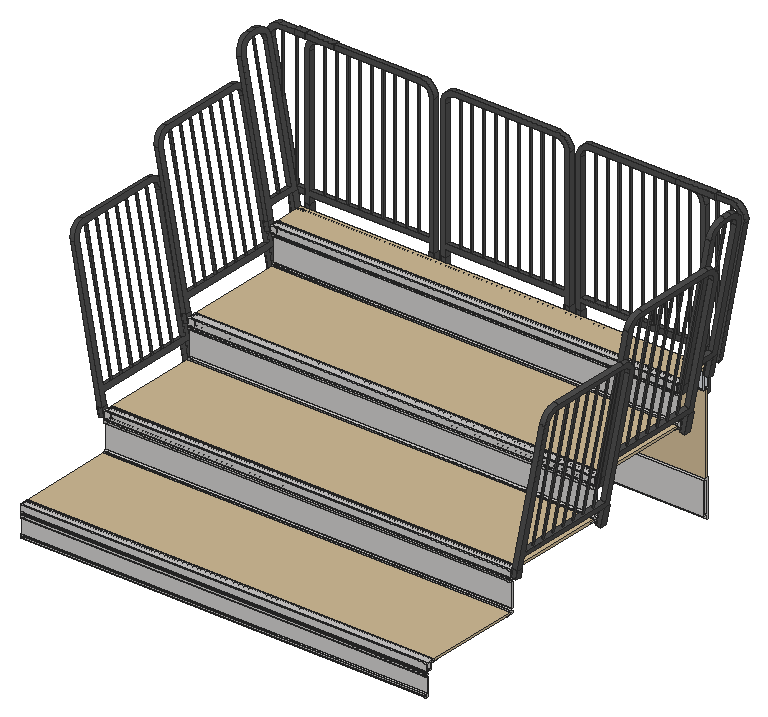
Revit family "Bleacher-Telescopic-Hussey-MAXAM_Plus-Portable-Simplified", category Specialty Equipment, Revit 2023 (continued)
Definition of nested family "Metro Chair-Single Row Array-Simplified"
  Definition of nested family "Metro Chair-Simplified"
    Automatic sketch dimensions
      curve 39 to plane 26 "2D Armrest - Back" = 0' - 0.43363"
      curve 6 to curve 39 = 0' - 0.00085"
      curve 2 to plane 26 "2D Armrest - Back" = 0' - 0.42975"
      curve 163 to plane 26 "2D Armrest - Back" = 0' - 0.42946"
      curve 21 to curve 5 = 0' - 0.00088"
      curve 4 to curve 2 = 0' - 0.01303"
      curve 5 to curve 4 = 0' - 0"
      curve 41 to curve 2 = 0' - 0.02986"
      curve 20 to curve 22 = 0' - 0.03735"
      curve 41 to curve 41 = 0' - 0.00937"
      curve 7 to curve 6 = 0' - 0.05712"
      curve 7 to curve 6 = 0' - 0.02126"
      curve 39 to plane 26 "2D Armrest - Back" = 0' - 0.33399"
      curve 9 to curve 7 = 0' - 0.02294"
      curve 19 to curve 20 = 0' - 0.0748"
      curve 10 to curve 8 = 0' - 0.02245"
      curve 11 to curve 9 = 0' - 0.01989"
      curve 11 to curve 10 = 0' - 0.01891"
      curve 12 to curve 11 = 0' - 0.01729"
      curve 13 to curve 12 = 0' - 0.01477"
      curve 15 to curve 13 = 0' - 0.01104"
      curve 19 to curve 19 = 0' - 0.09499"
      curve 90 to plane 26 "2D Armrest - Back" = 0' - 0.21411"
      curve 3 to plane 26 "2D Armrest - Back" = 0' - 0.13196"
      curve 4 to curve 3 = 0' - 0"
      curve 17 to plane 26 "2D Armrest - Back" = 0' - 0.07157"
      curve 16 to curve 17 = 0' - 0.00649"
      curve 15 to curve 16 = 0' - 0.00285"
      curve 37 to plane 26 "2D Armrest - Back" = 0' - 0.05487"
      curve 4 to plane 26 "2D Armrest - Back" = 0' - 0.02678"
      plane 26 "2D Armrest - Back" to curve 164 = 0' - 0.0265"
      plane 26 "2D Armrest - Back" to curve 36 = 0' - 0.13823"
      curve 34 to curve 35 = 0' - 0.22028"
      plane 26 "2D Armrest - Back" to curve 78 = 0' - 0.5385"
      curve 33 to curve 34 = 0' - 0.2399"
      curve 33 to curve 33 = 0' - 0.25134"
      plane 26 "2D Armrest - Back" to curve 156 = 0' - 0.855"
      plane 26 "2D Armrest - Back" to curve 39 = 0' - 0.93635"
      plane 26 "2D Armrest - Back" to curve 5 = 0' - 0.94809"
      curve 32 to curve 32 = 0' - 0.25424"
      curve 90 to curve 57 = 0' - 0.25258"
      curve 163 to curve 39 = 0' - 0.17798"
      curve 164 to curve 163 = 0' - 0"
      curve 91 to curve 90 = 0' - 0.01991"
      curve 55 to curve 157 = 0' - 0.00174"
      curve 42 to curve 163 = 0' - 0.02104"
      curve 55 to curve 55 = 0' - 0.11189"
      curve 31 to curve 31 = 0' - 0.24854"
      plane 7 "Host Level Offset Top" to curve 62 = 0' - 0.43561"
      plane 26 "2D Armrest - Back" to curve 62 = 0' - 1.3675"
      curve 53 to curve 54 = 0' - 0.26099"
      curve 29 to curve 30 = 0' - 0.23443"
      curve 52 to curve 54 = 0' - 0.16363"
      curve 53 to curve 54 = 0' - 0.29673"
      curve 29 to curve 29 = 0' - 0.21235"
      curve 80 to curve 52 = 0' - 0.33004"
      curve 80 to curve 80 = 0' - 0.00385"
      curve 28 to curve 28 = 0' - 0.30242"
      curve 80 to curve 80 = 0' - 0.20005"
      plane 26 "2D Armrest - Back" to curve 58 = 0' - 2.22497"
      curve 52 to curve 53 = 0' - 0.70545"
      curve 163 to curve 27 = 0' - 0.2719"
      curve 89 to curve 163 = 0' - 0"
      curve 81 to plane 7 "Host Level Offset Top" = 0' - 2.25832"
      curve 81 to curve 52 = 0' - 0.00648"
      curve 27 to curve 163 = 0' - 0.03033"
      curve 70 to curve 53 = 0' - 0.6365"
      curve 71 to curve 70 = 0' - 0"
      curve 69 to curve 80 = 0' - 0.25212"
      curve 70 to curve 69 = 0' - 0"
      curve 72 to curve 71 = 0' - 0.02189"
      curve 71 to curve 72 = 0' - 0"
      curve 68 to curve 69 = 0' - 0.0817"
      curve 69 to curve 68 = 0' - 0"
      curve 71 to curve 71 = 0' - 0.11708"
      curve 72 to curve 71 = 0' - 0 13/128"
      curve 63 to curve 69 = 0' - 0.1247"
      curve 25 to curve 26 = 0' - 0.30203"
      curve 72 to curve 71 = 0' - 0.15611"
      curve 67 to curve 63 = 0' - 0.07171"
      curve 69 to curve 68 = 0' - 0.23778"
      plane 26 "2D Armrest - Back" to curve 164 = 0' - 3.06065"
      plane 7 "Host Level Offset Top" to curve 78 = 0' - 0.79014"
      curve 78 to curve 63 = 0' - 0.82446"
      curve 68 to curve 72 = 0' - 1.22774"
      curve 58 to curve 58 = 0' - 1.7577"
      curve 58 to curve 58 = 0' - 0.07468"
      curve 59 to curve 58 = 0' - 0"
      curve 89 to curve 58 = 0' - 0"  (x2)
      curve 78 to curve 78 = 0' - 0.59893"
      curve 158 to curve 89 = 0' - 0.0615"
      curve 64 to curve 68 = 0' - 0.29448"
      curve 62 to curve 64 = 0' - 0.02752"
      curve 63 to curve 62 = 0' - 0"
      curve 66 to plane 7 "Host Level Offset Top" = 0' - 0.31451"
      curve 66 to curve 78 = 0' - 0.72907"
      curve 67 to curve 66 = 0' - 0"
      curve 137 to curve 164 = 0' - 1.17809"
      curve 66 to curve 67 = 0' - 0.06389"
      curve 48 to curve 25 = 0' - 1.63088"
      curve 158 to curve 48 = 0' - 0"
      curve 99 to plane 7 "Host Level Offset Top" = 0' - 0.32318"
      curve 99 to curve 67 = 0' - 0.1498"
      curve 48 to curve 158 = 0' - 0.02887"
      curve 166 to curve 48 = 0' - 0"
      curve 63 to curve 62 = 0' - 0.18742"
      curve 93 to curve 78 = 0' - 0.32885"
      curve 101 to plane 7 "Host Level Offset Top" = 0' - 0.39556"
      curve 61 to curve 63 = 0' - 0.06604"
      curve 64 to curve 61 = 0' - 0.01623"
      curve 65 to curve 64 = 0' - 0"
      curve 65 to curve 101 = 0' - 0.03202"
      curve 66 to curve 65 = 0' - 0"
      curve 88 to plane 7 "Host Level Offset Top" = 0' - 2.44628"
      curve 88 to curve 65 = 0' - 0.00823"
      curve 92 to curve 78 = 0' - 0.40904"
      curve 47 to curve 164 = 0' - 1.46411"
      curve 166 to curve 47 = 0' - 0"
      curve 61 to curve 64 = 0' - 0.14339"
      curve 82 to plane 7 "Host Level Offset Top" = 0' - 1.29242"
      curve 87 to plane 7 "Host Level Offset Top" = 0' - 1.4534"
      curve 93 to curve 92 = 0' - 0.16256"
      curve 83 to curve 82 = 0' - 0.05884"
      curve 112 to curve 92 = 0' - 0.13429"
      curve 60 to plane 7 "Host Level Offset Top" = 0' - 2.58206"
      curve 60 to curve 61 = 0' - 0.10332"
      curve 93 to curve 92 = 0' - 0.23493"
      plane 7 "Host Level Offset Top" to curve 100 = 0' - 0.62961"
      curve 100 to curve 94 = 0' - 0.09521"
      curve 98 to curve 100 = 0' - 0.03629"
      curve 86 to curve 87 = 0' - 0.15883"
      curve 83 to curve 86 = 0' - 0.01488"
      plane 7 "Host Level Offset Top" to curve 101 = 0' - 0 155/256"
      curve 101 to curve 100 = 0' - 0.07495"
      curve 98 to curve 98 = 0' - 0.07485"
      curve 98 to curve 98 = 0' - 0.02413"
      curve 83 to curve 82 = 0' - 0.156"
      curve 86 to curve 86 = 0' - 0.19966"
      curve 143 to curve 158 = 0' - 0.82017"
      curve 161 to curve 143 = 0' - 0.03769"
      curve 49 to curve 161 = 0' - 0.14321"
      curve 95 to curve 94 = 0' - 0.5613"
      plane 7 "Host Level Offset Top" to curve 96 = 0' - 0.67221"
      curve 96 to curve 98 = 0' - 0.37473"
      curve 95 to curve 94 = 0' - 0.07241"
      curve 137 to curve 49 = 0' - 0.13468"
      curve 43 to curve 161 = 0' - 0.38511"
      curve 49 to curve 43 = 0' - 0"
      curve 86 to curve 86 = 0' - 0.46645"
      curve 85 to curve 86 = 0' - 0"
      curve 84 to curve 61 = 0' - 0 97/128"
      plane 7 "Host Level Offset Top" to curve 97 = 0' - 0.59992"
      curve 97 to curve 96 = 0' - 0.22453"
      curve 59 to curve 84 = 0' - 0.01633"
      curve 95 to curve 95 = 0' - 0.22491"
      curve 84 to curve 84 = 0' - 0.041"
      curve 85 to curve 84 = 0' - 0 1/16"
      curve 84 to curve 85 = 0' - 0"
      curve 47 to curve 137 = 0' - 1.26275"
      curve 50 to curve 47 = 0' - 0"
      curve 67 to curve 137 = 0' - 0.30721"
      curve 25 to curve 48 = 0' - 1.30621"
      curve 50 to curve 50 = 0' - 0.21068"
      curve 46 to curve 50 = 0' - 0.09855"
      plane 7 "Host Level Offset Top" to curve 96 = 0' - 2.90605"
      curve 51 to curve 50 = 0' - 0.34523"
      curve 165 to curve 24 = 0' - 0.39092"
      curve 75 to curve 165 = 0' - 0"
      curve 44 to curve 47 = 0' - 1.54354"
      curve 165 to curve 44 = 0' - 0"
      level to curve 77 = 0' - 5.00581"
      curve 75 to curve 24 = 0' - 0.5061"
      curve 43 to curve 75 = 0' - 0"
      curve 46 to curve 51 = 0' - 0.14782"
      curve 45 to curve 51 = 0' - 0.293"
      curve 44 to curve 45 = 0' - 0"
      curve 102 to plane 27 "2D Armrest - Front" = 0' - 3.86174"
      curve 51 to curve 44 = 0' - 0.05491"
      curve 45 to curve 51 = 0' - 0"
      curve 24 to curve 75 = 0' - 1.13647"
      curve 136 to curve 42 = 0' - 0.86248"
      curve 73 to curve 136 = 0' - 0.00009"
      curve 24 to plane 27 "2D Armrest - Front" = 0' - 2.10928"
      curve 45 to curve 136 = 0' - 0.92052"
      curve 76 to curve 45 = 0' - 0.02594"
      curve 3 to curve 76 = 0' - 0"
      curve 74 to curve 45 = 0' - 0.11091"
      curve 76 to curve 74 = 0' - 0.0199"
      curve 74 to curve 74 = 0' - 0.11847"
      curve 130 to curve 74 = 0' - 0.00426"
      curve 130 to curve 23 = 0' - 0.19054"
      curve 131 to curve 3 = 0' - 0.41781"
      curve 40 to curve 76 = 0' - 0.40558"
      curve 40 to curve 40 = 0' - 0.00938"
      curve 74 to curve 74 = 0' - 0.48174"
      curve 136 to curve 74 = 0' - 0"
      curve 76 to curve 40 = 0' - 0.06507"
      curve 73 to curve 2 = 0' - 0.0231"
      curve 160 to plane 27 "2D Armrest - Front" = 0' - 0.6397"
      curve 136 to curve 131 = 0' - 0.00496"
      curve 134 to curve 73 = 0' - 0.22758"
      curve 130 to plane 27 "2D Armrest - Front" = 0' - 0.33111"
      curve 161 to plane 27 "2D Armrest - Front" = 0' - 0.09808"
      curve 135 to plane 27 "2D Armrest - Front" = 0' - 0.08963"
      plane 27 "2D Armrest - Front" to curve 131 = 0' - 0.00515"
      plane 27 "2D Armrest - Front" to curve 162 = 0' - 0.05514"
      plane 27 "2D Armrest - Front" to curve 129 = 0' - 0.15185"
      plane 27 "2D Armrest - Front" to curve 160 = 0' - 0.20836"
      curve 162 to curve 160 = 0' - 0"
      plane 27 "2D Armrest - Front" to curve 129 = 0' - 0 9/32"
      plane 27 "2D Armrest - Front" to curve 143 = 0' - 0.30279"
      curve 142 to curve 143 = 0' - 0"
      plane 27 "2D Armrest - Front" to curve 133 = 0' - 0.66488"
      curve 47 to curve 129 = 0' - 0.58883"
      curve 132 to curve 47 = 0' - 0.29753"
      curve 44 to curve 132 = 0' - 0.09752"
      plane 27 "2D Armrest - Front" to curve 159 = 0' - 1.59528"
      curve 146 to curve 159 = 0' - 0.04945"
      curve 159 to curve 159 = 0' - 0.09355"
      curve 160 to curve 159 = 0' - 0"
      curve 127 to curve 44 = 0' - 1.78449"
      curve 133 to curve 127 = 0' - 0.03"
      curve 127 to curve 127 = 0' - 0.12941"
      curve 141 to curve 160 = 0' - 1.74489"
      curve 142 to curve 141 = 0' - 0"
      curve 126 to curve 127 = 0' - 0.48297"
      curve 146 to curve 141 = 0' - 1.44211"
      curve 138 to curve 146 = 0' - 0"
      curve 141 to plane 7 "Host Level Offset Top" = 0' - 2.95234"
      curve 141 to curve 146 = 0' - 0.78875"
      curve 138 to curve 138 = 0' - 1.55688"
      curve 139 to curve 138 = 0' - 0"
      curve 145 to curve 138 = 0' - 0.14966"
      curve 139 to curve 138 = 0' - 0.15823"
      curve 145 to curve 139 = 0' - 0"
      curve 139 to curve 139 = 0' - 0.06343"
      curve 144 to curve 145 = 0' - 0.12496"
      curve 141 to curve 144 = 0' - 0.04062"
      curve 144 to curve 141 = 0' - 0"
      curve 138 to curve 141 = 0' - 1.20309"
      curve 144 to curve 144 = 0' - 0 1/4"
      curve 140 to curve 145 = 0' - 0 3/8"
      plane 27 "2D Armrest - Front" to curve 42 = 0' - 7.46407"
      curve 166 to curve 141 = 0' - 2.59762"
      plane 27 "2D Armrest - Front" to curve 148 = 1' - 1.67673"
      curve 146 to plane 6 "Host Level Offset Bottom" = 0' - 2.52375"
      curve 146 to curve 42 = 0' - 7.86841"
      curve 165 to curve 166 = 0' - 10.58764"
      curve 75 to curve 165 = 0' - 4.48505"
      plane 27 "2D Armrest - Front" to curve 142 = 2' - 1.49874"
      plane 27 "2D Armrest - Front" to curve 22 = 2' - 8.12853"
      curve 2 to curve 22 = 0' - 0.00037"
      curve 3 to curve 2 = 0' - 0.01779"
      curve 48 to plane 7 "Host Level Offset Top" = 0' - 11.28697"
      curve 48 to curve 75 = 2' - 11.60752"
      plane 5 "Front" to curve 120 = 0' - 0 1/16"
      curve 148 to plane 14 "Attachment to Riser" = 0' - 0.24601"
      curve 149 to curve 148 = 0' - 0"
      curve 119 to plane 14 "Attachment to Riser" = 0' - 0 1/16"
      curve 122 to plane 14 "Attachment to Riser" = 0' - 0 1/16"
      plane 14 "Attachment to Riser" to curve 143 = 0' - 0.30921"
      plane 14 "Attachment to Riser" to curve 154 = 0' - 1.3076"
      curve 155 to curve 154 = 0' - 0"
      plane 14 "Attachment to Riser" to curve 149 = 0' - 1.36844"
      curve 150 to curve 149 = 0' - 0"
      plane 14 "Attachment to Riser" to curve 85 = 0' - 1.60613"
      curve 149 to curve 151 = 0' - 0.79141"
      curve 150 to curve 151 = 0' - 0.11422"
      curve 150 to curve 151 = 0' - 0.25229"
      curve 151 to curve 152 = 0' - 0"  (x2)
      curve 151 to curve 153 = 0' - 0.18272"
      curve 152 to curve 152 = 0' - 0.1839"
      curve 153 to curve 153 = 0' - 0.28476"
      curve 154 to curve 150 = 0' - 0.40406"
      plane 14 "Attachment to Riser" to curve 49 = 0' - 3.57393"
      curve 150 to curve 149 = 0' - 3.59015"
      curve 49 to curve 43 = 0' - 3.44678"
      curve 149 to curve 154 = 0' - 0.97606"
      curve 43 to curve 90 = 0' - 1.0578"
      curve 89 to plane 7 "Host Level Offset Top" = 0' - 2.16194"
      curve 90 to curve 89 = 0' - 0.32978"
      curve 43 to curve 147 = 0' - 1.5269"
      curve 158 to plane 7 "Host Level Offset Top" = 1' - 0.63033"
      curve 147 to curve 158 = 1' - 7.96726"
      plane 6 "Host Level Offset Bottom" to curve 155 = 0' - 3.27369"
      curve 158 to curve 155 = 3' - 7.00623"
      curve 57 to plane 6 "Host Level Offset Bottom" = 1' - 1.14626"
      curve 155 to curve 57 = 4' - 1.77768"
      curve 2 to curve 22 = 0' - 0.0022"
      curve 3 to curve 2 = 0' - 0.10215"
      curve 42 to plane 6 "Host Level Offset Bottom" = 0' - 11.46716"
      curve 105 to curve 105 = 0' - 0.4867"
      curve 105 to curve 107 = 0' - 0.26152"
      curve 107 to curve 116 = 0' - 0.56797"
      curve 115 to curve 121 = 0' - 0 1/16"
      curve 119 to curve 118 = 0' - 0 15/16"
      curve 108 to curve 111 = 0' - 1 5/8"
      curve 109 to curve 124 = 0' - 0 5/8"
      curve 111 to curve 111 = 0' - 0 1/4"
      curve 123 to curve 123 = 0' - 0 15/16"
      curve 121 to curve 115 = 0' - 0 1/16"
      curve 92 to curve 93 = 0' - 0.76296"
      curve 92 to curve 93 = 0' - 0.02469"
      curve 95 to curve 95 = 0' - 0.07242"
      curve 83 to curve 83 = 0' - 0.06624"
      curve 87 to curve 87 = 0' - 0.07406"
      curve 79 to curve 70 = 0' - 0.1136"
      curve 80 to curve 80 = 0' - 0.13095"
      curve 52 to curve 52 = 0' - 0.32896"
      curve 53 to curve 53 = 0' - 0.17986"
      curve 53 to curve 54 = 0' - 0.97126"
      curve 56 to curve 157 = 0' - 0.08073"
      curve 90 to curve 57 = 0' - 0.05599"
      curve 49 to curve 161 = 0' - 0.00445"
      curve 89 to curve 90 = 0' - 4.05224"
      curve 147 to curve 43 = 0' - 1.70385"
      curve 33 to curve 90 = 0' - 0.61468"
      curve 32 to curve 32 = 0' - 0.00764"
      curve 32 to curve 34 = 0' - 0 5/128"
      curve 31 to curve 30 = 0' - 0.05408"
      curve 33 to curve 35 = 0' - 0.08453"
      curve 30 to curve 29 = 0' - 0.0987"
      curve 34 to curve 36 = 0' - 0.12718"
      curve 29 to curve 28 = 0' - 0.14002"
      curve 37 to curve 90 = 0' - 0.19834"
      curve 28 to curve 163 = 0' - 0.181"
      curve 163 to curve 26 = 0' - 0.06167"
      curve 37 to curve 39 = 0' - 0.22434"
      curve 39 to curve 164 = 0' - 0.43076"
      curve 39 to curve 6 = 0' - 0.00784"
      curve 6 to curve 6 = 0' - 0.32494"
      curve 6 to curve 7 = 0' - 0.09717"
      curve 7 to curve 8 = 0' - 0.1049"
      curve 8 to curve 10 = 0' - 0.105"
      curve 9 to curve 10 = 0' - 0.09644"
      curve 10 to curve 12 = 0' - 0.09664"
      curve 11 to curve 13 = 0' - 0.09694"
      curve 12 to curve 13 = 0' - 0.09736"
      curve 13 to curve 14 = 0' - 0.09785"
      curve 147 to curve 16 = 0' - 0.1063"
      curve 15 to curve 17 = 0' - 0.06187"
      curve 14 to curve 19 = 0' - 0.10984"
      curve 141 to curve 166 = 0' - 4.29751"
      curve 19 to curve 18 = 0' - 0.01892"
      curve 16 to curve 18 = 0' - 0.06159"
      curve 20 to curve 2 = 0' - 0.19131"
      curve 21 to curve 5 = 0' - 0.04047"
      curve 130 to curve 76 = 0' - 1.68887"
      curve 130 to curve 47 = 0' - 0.17122"
      curve 47 to curve 128 = 0' - 0.11811"
      curve 128 to curve 135 = 0' - 0.35355"
      curve 135 to curve 135 = 0' - 0.0647"
      curve 74 to curve 130 = 0' - 0.00097"
      curve 47 to curve 128 = 0' - 0.89457"
      curve 47 to curve 132 = 0' - 1.07138"
      curve 132 to curve 44 = 0' - 0.06826"
      curve 127 to curve 127 = 0' - 0.48297"
      curve 73 to curve 136 = 0' - 0.00048"
      curve 73 to curve 134 = 0' - 0.07164"
      curve 153 to curve 153 = 0' - 0.13457"
      curve 153 to curve 151 = 0' - 0.08911"
    Nested families (in)
      nested 1: "Metro Chair-2D Plan" at (-109.5, -12, 17), type "Metro Chair-2D Plan"
    Definition of nested family "Metro Chair-2D Plan"
      Parameters
        Default Elevation = 0' - 0"
        Created By = "Revitus"  # constant formula
        Creator URL = "http://www.revituspro.com/"
      Reference planes (in)
        plane 1 "Center (Front/Back)": y = 0
        plane 2: z = 0
        plane 3 "Center (Left/Right)": x = 0
      Lines and regions (in)
        Masking region 1
          outline origin (109.57707, 11.99477, 0) x (1, 0, 0) y (0, 1, 0)
            loop
              arc (-114.44926, -8.83618) -> (-115.08126, -8.94929) -> (-115.70753, -9.0907) r 14.27785
              arc (-115.70753, -9.0907) -> (-116.20556, -9.23429) -> (-116.68883, -9.42164) r 5.81636
              arc (-116.68883, -9.42164) -> (-117.011, -9.59758) -> (-117.29313, -9.83243) r 1.89191
              arc (-117.29313, -9.83243) -> (-117.46059, -10.07738) -> (-117.54238, -10.36259) r 0.93009
              arc (-117.54238, -10.36259) -> (-117.55749, -10.5444) -> (-117.57095, -10.72635) r 20.12699
              arc (-117.57095, -10.72635) -> (-117.64499, -12.08845) -> (-117.89752, -13.42899) r 10.34978
              arc (-117.89752, -13.42899) -> (-117.97658, -13.7437) -> (-118.05726, -14.05799) r 63.50731
              line (-118.05726, -14.05799) -> (-118.08112, -14.15075)
              arc (-118.08112, -14.15075) -> (-118.14175, -14.38729) -> (-118.20133, -14.6241) r 54.94124
              arc (-118.20133, -14.6241) -> (-118.26569, -14.90445) -> (-118.31945, -15.18701) r 7.64437
              arc (-118.31945, -15.18701) -> (-118.40719, -15.84832) -> (-118.46583, -16.51284) r 15.2029
              line (-118.46583, -16.51284) -> (-118.4805, -16.69575) -> (-118.50241, -16.95935) -> (-118.53395, -17.335)
              arc (-118.53395, -17.335) -> (-118.457, -17.48387) -> (-118.30054, -17.54391) r 0.23557
              line (-118.30054, -17.54391) -> (-117.18551, -17.53971)
              arc (-117.18551, -17.53971) -> (-117.00993, -17.46042) -> (-116.94956, -17.27747) r 0.23949
              arc (-116.94956, -17.27747) -> (-116.95084, -17.04557) -> (-116.94811, -16.81367) r 13.38597
              arc (-116.94811, -16.81367) -> (-116.90069, -16.27266) -> (-116.81229, -15.73681) r 7.14097
              arc (-116.81229, -15.73681) -> (-116.66021, -15.11684) -> (-116.44157, -14.51709) r 5.85858
              arc (-116.44157, -14.51709) -> (-116.36868, -14.35986) -> (-116.28861, -14.20616) r 3.75283
              arc (-116.28861, -14.20616) -> (-116.00556, -14.05744) -> (-115.70156, -13.95837) r 1.89664
              arc (-115.70156, -13.95837) -> (-115.42559, -13.88799) -> (-115.1478, -13.82518) r 10.42316
              arc (-115.1478, -13.82518) -> (-114.81268, -13.75676) -> (-114.47641, -13.69417) r 19.68683
              arc (-114.47641, -13.69417) -> (-114.06818, -13.62437) -> (-113.65908, -13.55986) r 31.98673
              arc (-113.65908, -13.55986) -> (-113.11985, -13.48242) -> (-112.57949, -13.4133) r 35.32242
              arc (-112.57949, -13.4133) -> (-111.80159, -13.32905) -> (-111.02176, -13.26518) r 29.90804
              arc (-111.02176, -13.26518) -> (-110.29984, -13.2277) -> (-109.57707, -13.21444) r 21.56131
              arc (-109.57707, -13.21444) -> (-108.8543, -13.2277) -> (-108.13238, -13.26518) r 21.56131
              arc (-108.13238, -13.26518) -> (-107.35254, -13.32905) -> (-106.57464, -13.4133) r 29.90804
              arc (-106.57464, -13.4133) -> (-106.03429, -13.48242) -> (-105.49506, -13.55986) r 35.32242
              arc (-105.49506, -13.55986) -> (-105.08596, -13.62437) -> (-104.67772, -13.69417) r 31.98673
              arc (-104.67772, -13.69417) -> (-104.34146, -13.75676) -> (-104.00633, -13.82518) r 19.68683
              arc (-104.00633, -13.82518) -> (-103.72854, -13.88799) -> (-103.45258, -13.95837) r 10.42316
              arc (-103.45258, -13.95837) -> (-103.14857, -14.05744) -> (-102.86553, -14.20616) r 1.89664
              arc (-102.86553, -14.20616) -> (-102.78546, -14.35986) -> (-102.71256, -14.51709) r 3.75283
              arc (-102.71256, -14.51709) -> (-102.49393, -15.11684) -> (-102.34184, -15.73681) r 5.85858
              arc (-102.34184, -15.73681) -> (-102.25344, -16.27266) -> (-102.20603, -16.81367) r 7.14097
              arc (-102.20603, -16.81367) -> (-102.20329, -17.04557) -> (-102.20457, -17.27747) r 13.38597
              arc (-102.20457, -17.27747) -> (-102.1442, -17.46042) -> (-101.96863, -17.53971) r 0.23949
              line (-101.96863, -17.53971) -> (-100.8536, -17.54391)
              arc (-100.8536, -17.54391) -> (-100.69714, -17.48387) -> (-100.62018, -17.335) r 0.23557
              line (-100.62018, -17.335) -> (-100.65173, -16.95935) -> (-100.67363, -16.69575) -> (-100.6883, -16.51284)
              arc (-100.6883, -16.51284) -> (-100.74694, -15.84832) -> (-100.83468, -15.18701) r 15.2029
              arc (-100.83468, -15.18701) -> (-100.88845, -14.90445) -> (-100.95281, -14.6241) r 7.64437
              arc (-100.95281, -14.6241) -> (-101.01238, -14.38729) -> (-101.07301, -14.15075) r 54.94124
              line (-101.07301, -14.15075) -> (-101.09687, -14.05799)
              arc (-101.09687, -14.05799) -> (-101.17755, -13.7437) -> (-101.25662, -13.42899) r 63.50731
              arc (-101.25662, -13.42899) -> (-101.50915, -12.08845) -> (-101.58318, -10.72635) r 10.34978
              arc (-101.58318, -10.72635) -> (-101.59664, -10.5444) -> (-101.61175, -10.36259) r 20.12699
              arc (-101.61175, -10.36259) -> (-101.69355, -10.07738) -> (-101.861, -9.83243) r 0.93009
              arc (-101.861, -9.83243) -> (-102.14313, -9.59758) -> (-102.4653, -9.42164) r 1.89191
              arc (-102.4653, -9.42164) -> (-102.94857, -9.23429) -> (-103.4466, -9.0907) r 5.81636
              arc (-103.4466, -9.0907) -> (-104.07288, -8.94929) -> (-104.70487, -8.83618) r 14.27785
              arc (-104.70487, -8.83618) -> (-105.42099, -8.73397) -> (-106.13987, -8.65342) r 23.97251
              arc (-106.13987, -8.65342) -> (-106.95432, -8.58448) -> (-107.77027, -8.53637) r 31.99767
              arc (-107.77027, -8.53637) -> (-108.67343, -8.50495) -> (-109.57707, -8.49477) r 38.43776
              arc (-109.57707, -8.49477) -> (-110.48071, -8.50495) -> (-111.38386, -8.53637) r 38.43776
              arc (-111.38386, -8.53637) -> (-112.19981, -8.58448) -> (-113.01427, -8.65342) r 31.99767
              arc (-113.01427, -8.65342) -> (-113.73314, -8.73397) -> (-114.44926, -8.83618) r 23.97251
            loop
              arc (-109.57707, -14.03505) -> (-112.00982, -14.13419) -> (-114.43848, -14.30649) r 80.89249
              arc (-114.43848, -14.30649) -> (-114.78323, -14.35257) -> (-115.12523, -14.4159) r 6.92664
              arc (-115.12523, -14.4159) -> (-115.74074, -14.72617) -> (-116.14273, -15.2861) r 1.4462
              arc (-116.14273, -15.2861) -> (-116.21214, -15.58271) -> (-116.25854, -15.88377) r 3.9602
              arc (-116.25854, -15.88377) -> (-116.31031, -16.70559) -> (-116.32416, -17.52892) r 17.86323
              arc (-116.32416, -17.52892) -> (-116.33953, -17.85271) -> (-116.36909, -18.17552) r 7.39074
              arc (-116.36909, -18.17552) -> (-116.49609, -18.69425) -> (-116.71446, -19.18161) r 2.9527
              arc (-116.71446, -19.18161) -> (-117.10122, -19.91263) -> (-117.25753, -20.72475) r 2.79982
              arc (-117.25753, -20.72475) -> (-117.22822, -21.15131) -> (-117.20422, -21.5782) r 34.37689
              arc (-117.20422, -21.5782) -> (-117.11629, -21.80862) -> (-116.95159, -21.99218) r 0.67622
              arc (-116.95159, -21.99218) -> (-116.37688, -22.30061) -> (-115.75605, -22.5006) r 3.60984
              arc (-115.75605, -22.5006) -> (-112.68598, -23.01834) -> (-109.57707, -23.18583) r 27.50676
              arc (-109.57707, -23.18583) -> (-106.46816, -23.01834) -> (-103.39809, -22.5006) r 27.50676
              arc (-103.39809, -22.5006) -> (-102.77726, -22.30061) -> (-102.20255, -21.99218) r 3.60984
              arc (-102.20255, -21.99218) -> (-102.03784, -21.80862) -> (-101.94991, -21.5782) r 0.67622
              arc (-101.94991, -21.5782) -> (-101.92591, -21.15131) -> (-101.8966, -20.72475) r 34.37689
              arc (-101.8966, -20.72475) -> (-102.05292, -19.91263) -> (-102.43967, -19.18161) r 2.79982
              arc (-102.43967, -19.18161) -> (-102.65804, -18.69425) -> (-102.78505, -18.17552) r 2.9527
              arc (-102.78505, -18.17552) -> (-102.8146, -17.85271) -> (-102.82998, -17.52892) r 7.39074
              arc (-102.82998, -17.52892) -> (-102.84382, -16.70559) -> (-102.89559, -15.88377) r 17.86323
              arc (-102.89559, -15.88377) -> (-102.942, -15.58271) -> (-103.0114, -15.2861) r 3.9602
              arc (-103.0114, -15.2861) -> (-103.41339, -14.72617) -> (-104.0289, -14.4159) r 1.4462
              arc (-104.0289, -14.4159) -> (-104.37091, -14.35257) -> (-104.71566, -14.30649) r 6.92664
              arc (-104.71566, -14.30649) -> (-107.14432, -14.13419) -> (-109.57707, -14.03505) r 80.89249
      Dimensions and locks (in)
        aligned and locked: level to plane 2
  Definition of nested family "Metro Chair-Folded-Simplified"
    Parameters
      URL = "http://www.husseyseating.com/"
      Stanchion Color = none
      Show Metro Chair = yes
      Show Cup Holders = yes
      Show Arms = yes
      Seat Width = 1' - 9"
      Seat Color = none
      Seat Back Color = none
      No Arms = not(Show Arms)  # no
      Model = "Metro Chair"
      Manufacturer = "Hussey Seating Company"  # constant formula
      Default Elevation = 0' - 0"
      Created By = "Revitus"  # constant formula
      Creator URL = "http://www.revituspro.com/"
      Assembly Code = ""
    Reference planes (in)
      plane 1: z = 0
      plane 2 "Center (Left/Right)": x = -109.5
      plane 3 "Left": x = -120
      plane 4 "Right": x = -99
      plane 5 "Front": y = -12
      plane 6 "Host Level Offset Bottom": z = -8
      plane 7 "Host Level Offset Top": z = 8
      plane 8: x = -100.1875
      plane 9: x = -97.8125
      plane 10: x = -118.8125
      plane 11: x = -121.1875
      plane 12 "Seat - Right": x = -101
      plane 13 "Seat - Left": x = -118
      plane 14: x = -98.0625
      plane 15: x = -99.9375
      plane 16: x = -120.9375
      plane 17: x = -119.0625
      plane 18: x = -99.5
      plane 19: x = -98.5
      plane 20: x = -119.5
      plane 21: x = -120.5
      plane 22: x = -102.5
      plane 23: x = -116.5
      plane 24 "Attachment to Riser": y = -10.625
      plane 25: y = -13.36174
      plane 26: y = -23.61174
    Lines and regions (in)
      Masking region 1, visible <- "Show Arms"
        outline origin (0, 0, 8) x (0, -1, 0) y (1, 0, 0)
          loop
            arc (23.61174, -119.8125) -> (23.31885, -119.10539) -> (22.61174, -118.8125) r 1
            line (22.61174, -118.8125) -> (14.36174, -118.8125)
            arc (14.36174, -118.8125) -> (13.65463, -119.10539) -> (13.36174, -119.8125) r 1
            line (13.36174, -119.8125) -> (13.36174, -120.1875)
            arc (13.36174, -120.1875) -> (13.65463, -120.89461) -> (14.36174, -121.1875) r 1
            line (14.36174, -121.1875) -> (22.61174, -121.1875)
            arc (22.61174, -121.1875) -> (23.31885, -120.89461) -> (23.61174, -120.1875) r 1
            line (23.61174, -120.1875) -> (23.61174, -119.8125)
      Masking region 2, visible <- "Show Arms"
        outline origin (0, 0, 8) x (0, -1, 0) y (1, 0, 0)
          loop
            line (13.36174, -98.8125) -> (13.36174, -99.1875)
            arc (13.36174, -99.1875) -> (13.65463, -99.89461) -> (14.36174, -100.1875) r 1
            line (14.36174, -100.1875) -> (22.61174, -100.1875)
            arc (22.61174, -100.1875) -> (23.31885, -99.89461) -> (23.61174, -99.1875) r 1
            line (23.61174, -99.1875) -> (23.61174, -98.8125)
            arc (23.61174, -98.8125) -> (23.31885, -98.10539) -> (22.61174, -97.8125) r 1
            line (22.61174, -97.8125) -> (14.36174, -97.8125)
            arc (14.36174, -97.8125) -> (13.65463, -98.10539) -> (13.36174, -98.8125) r 1
      model lines, visible <- "Show Metro Chair"
        curve 1: line (-120, -6.06648, 0) -> (-99, -6.06648, 0)
      model lines
        curve 2: line (-109.5, -19.75, 4.93608) -> (-109.5, -19.75, 0.00008)
        curve 3: line (-109.5, -19.75, 0.00008) -> (-109.5, -12.90623, 0.00008)
        curve 4: arc (-109.5, -12.90623, 0.00008) -> (-109.5, -12.85068, 0.02309) -> (-109.5, -12.82767, 0.07865) r 0.07856
        curve 5: line (-109.5, -12.82767, 0.07865) -> (-109.5, -12.82767, 0.56535)
        curve 6: line (-109.5, -12.82767, 0.56535) -> (-109.5, -12.31448, 0.82687)
        curve 7: arc (-109.5, -12.31448, 0.82687) -> (-109.5, -12.2674, 0.8704) -> (-109.5, -12.25, 0.93211) r 0.11811
        curve 8: line (-109.5, -12.25, 0.93211) -> (-109.5, -12.25, 3.87508)
        curve 9: line (-109.5, -12.25, 3.87508) -> (-109.5, -12, 3.87508)
        curve 10: line (-109.5, -12, 5.25008) -> (-109.5, -12.25, 5.25008)
        curve 11: line (-109.5, -12.25, 5.25008) -> (-109.5, -12.25, 5.50008)
        curve 12: line (-109.5, -12.25, 5.50008) -> (-109.5, -17.9828, 5.50008)
        curve 13: line (-109.5, -17.9828, 5.50008) -> (-109.5, -19.75, 4.93608)
        curve 14: line (-109.5, -10.625, 5.50008) -> (-109.5, -12, 5.50008)
        curve 15: line (-109.5, -12, 5.50008) -> (-109.5, -12, 1.50008)
        curve 16: line (-109.5, -12, 1.50008) -> (-109.5, -10.625, 1.50008)
        curve 17: line (-109.5, -10.625, 1.50008) -> (-109.5, -10.625, 2.50008)
        curve 18: line (-109.5, -10.625, 2.50008) -> (-109.5, -10.6875, 2.50008)
        curve 19: line (-109.5, -10.6875, 2.50008) -> (-109.5, -10.6875, 1.56258)
        curve 20: line (-109.5, -10.6875, 1.56258) -> (-109.5, -11.9375, 1.56258)
        curve 21: line (-109.5, -11.9375, 1.56258) -> (-109.5, -11.9375, 5.43758)
        curve 22: line (-109.5, -11.9375, 5.43758) -> (-109.5, -10.6875, 5.43758)
        curve 23: line (-109.5, -10.6875, 5.43758) -> (-109.5, -10.6875, 4.50008)
        curve 24: line (-109.5, -10.6875, 4.50008) -> (-109.5, -10.625, 4.50008)
        curve 25: line (-109.5, -10.625, 4.50008) -> (-109.5, -10.625, 5.50008)
        curve 79: line (-109.5, -26.59825, 4.43914) -> (-109.5, -27.13896, 4.99906)
        curve 80: arc (-109.5, -27.13896, 4.99906) -> (-109.5, -27.24097, 5.06956) -> (-109.5, -27.36229, 5.09521) r 0.31496
        curve 81: line (-109.5, -27.36229, 5.09521) -> (-109.5, -28.36561, 5.02577)
        curve 82: line (-109.5, -28.36561, 5.02577) -> (-109.5, -29.34722, 4.80611)
        curve 83: line (-109.5, -29.34722, 4.80611) -> (-109.5, -29.42411, 4.78147)
        curve 84: arc (-109.5, -29.42411, 4.78147) -> (-109.5, -29.93232, 4.74956) -> (-109.5, -30.44065, 4.71964) r 129.75863
        curve 85: arc (-109.5, -32.16592, 0.81768) -> (-109.5, -32.08179, 0.80544) -> (-109.5, -31.99722, 0.79679) r 2
        curve 86: arc (-109.5, -31.99722, 0.79679) -> (-109.5, -29.12693, 0.81369) -> (-109.5, -26.30249, 1.32499) r 16.59303
        curve 87: line (-109.5, -26.30249, 1.32499) -> (-109.5, -25.91824, 2.27604)
        curve 88: arc (-109.5, -25.91824, 2.27604) -> (-109.5, -25.91094, 2.37102) -> (-109.5, -25.95973, 2.45283) r 0.15748
        curve 89: arc (-109.5, -27.59462, 3.73928) -> (-109.5, -27.00964, 3.10552) -> (-109.5, -26.31086, 2.59999) r 4.33877
        curve 90: arc (-109.5, -26.31086, 2.59999) -> (-109.5, -26.19651, 2.53763) -> (-109.5, -26.0789, 2.48164) r 2.37018
        curve 91: arc (-109.5, -26.0789, 2.48164) -> (-109.5, -25.98938, 2.45525) -> (-109.5, -25.89607, 2.45758) r 0.30062
        curve 92: arc (-109.5, -25.18928, 4.54897) -> (-109.5, -25.30621, 4.61616) -> (-109.5, -25.42776, 4.67458) r 1.83579
        curve 93: arc (-109.5, -25.42776, 4.67458) -> (-109.5, -25.5207, 4.69948) -> (-109.5, -25.61686, 4.69588) r 0.32285
        curve 94: arc (-109.5, -25.61686, 4.69588) -> (-109.5, -26.60289, 4.43758) -> (-109.5, -27.54384, 4.0457) r 7.36967
        curve 95: arc (-109.5, -27.54384, 4.0457) -> (-109.5, -27.56839, 4.02929) -> (-109.5, -27.58811, 4.00731) r 0.11811
        curve 96: arc (-109.5, -27.58811, 4.00731) -> (-109.5, -27.63145, 3.87427) -> (-109.5, -27.59462, 3.73928) r 0.2441
        curve 97: line (-109.5, -22.47081, 4.29826) -> (-109.5, -25.6554, 5.15676)
        curve 98: arc (-109.5, -25.6554, 5.15676) -> (-109.5, -25.78878, 5.15278) -> (-109.5, -25.89865, 5.07707) r 0.23588
        curve 99: line (-109.5, -25.89865, 5.07707) -> (-109.5, -26.34797, 4.51847)
        curve 100: line (-109.5, -24.72837, 2.78161) -> (-109.5, -24.58577, 2.6441)
        curve 101: arc (-109.5, -24.58577, 2.6441) -> (-109.5, -24.486, 2.57689) -> (-109.5, -24.36729, 2.55746) r 0.2815
        curve 102: arc (-109.5, -26.29439, 1.34505) -> (-109.5, -26.28155, 1.27838) -> (-109.5, -26.21548, 1.26276) r 0.0625
        curve 103: arc (-109.5, -26.21548, 1.26276) -> (-109.5, -25.5342, 1.53426) -> (-109.5, -24.87503, 1.85574) r 9.84252
        curve 104: arc (-109.5, -24.87503, 1.85574) -> (-109.5, -24.63109, 2.199) -> (-109.5, -24.75795, 2.60055) r 0.47244
        curve 105: line (-109.5, -24.75795, 2.60055) -> (-109.5, -24.87969, 2.72661)
        curve 106: line (-109.5, -25.84071, 2.46794) -> (-109.5, -25.91824, 2.27604)
        curve 107: arc (-109.5, -31.99722, 0.79679) -> (-109.5, -33.76648, 1.03627) -> (-109.5, -35.49977, 1.46446) r 16.59303
        curve 108: arc (-109.5, -30.30548, 4.49905) -> (-109.5, -33.06306, 3.8534) -> (-109.5, -35.89512, 3.87626) r 11.92465
        curve 109: line (-109.5, -30.30548, 4.49905) -> (-109.5, -29.42411, 4.78147)
        curve 120: arc (-109.5, -43.9138, 3.61898) -> (-109.5, -42.56145, 3.55131) -> (-109.5, -41.2139, 3.4188) r 28.20153
        curve 121: arc (-109.5, -46.86231, 4.31119) -> (-109.5, -45.42358, 3.81374) -> (-109.5, -43.9138, 3.61898) r 7.45326
        curve 122: arc (-109.5, -47.64012, 4.88038) -> (-109.5, -47.27927, 4.55745) -> (-109.5, -46.86231, 4.31119) r 2.46784
        curve 123: arc (-109.5, -47.71239, 5.12232) -> (-109.5, -47.70156, 4.9938) -> (-109.5, -47.64012, 4.88038) r 0.31496
        curve 124: line (-109.5, -47.68746, 5.32541) -> (-109.5, -47.71239, 5.12232)
        curve 125: arc (-109.5, -47.34048, 5.59877) -> (-109.5, -47.56992, 5.53311) -> (-109.5, -47.68746, 5.32541) r 0.31496
        curve 126: arc (-109.5, -44.93733, 4.90968) -> (-109.5, -46.16967, 5.14692) -> (-109.5, -47.34048, 5.59877) r 7.05447
        curve 127: arc (-109.5, -30.44065, 4.71964) -> (-109.5, -33.28196, 4.58922) -> (-109.5, -36.12544, 4.52112) r 129.75863
        curve 128: arc (-109.5, -36.28418, 4.51916) -> (-109.5, -32.85241, 4.60494) -> (-109.5, -29.42411, 4.78147) r 129.75863
        curve 129: arc (-109.5, -38.39868, 4.52501) -> (-109.5, -41.67208, 4.6481) -> (-109.5, -44.93733, 4.90968) r 77.34267
        curve 130: line (-109.5, -24.36729, 2.55746) -> (-109.5, -20.14704, 2.643)
        curve 131: line (-109.5, -20.14704, 2.643) -> (-109.5, -19.75, 2.73599)
        curve 132: line (-109.5, -19.75, 4.75176) -> (-109.5, -21.73833, 4.28608)
        curve 133: arc (-109.5, -22.47081, 4.29826) -> (-109.5, -22.10532, 4.24677) -> (-109.5, -21.73833, 4.28608) r 1.5
        curve 135: arc (-109.5, -36.37576, 0.61316) -> (-109.5, -33.38407, 0.39797) -> (-109.5, -30.40477, 0.74472) r 16.00541
        curve 136: arc (-109.5, -41.51091, 0.81157) -> (-109.5, -40.7227, 0.95474) -> (-109.5, -39.92203, 0.98083) r 5.45078
        curve 137: arc (-109.5, -41.66309, 0.76752) -> (-109.5, -41.58731, 0.79063) -> (-109.5, -41.51091, 0.81157) r 2.77771
        curve 138: line (-109.5, -42.13199, 1.00202) -> (-109.5, -42.24471, 1.3279)
        curve 139: arc (-109.5, -41.66309, 0.76752) -> (-109.5, -41.94533, 0.78922) -> (-109.5, -42.13199, 1.00202) r 0.375
        curve 140: arc (-109.5, -39.92203, 0.98083) -> (-109.5, -38.14316, 0.85228) -> (-109.5, -36.37576, 0.61316) r 28.61517
        curve 141: arc (-109.5, -23.91421, 3.42081) -> (-109.5, -24.49587, 4.04805) -> (-109.5, -25.18928, 4.54897) r 4.33878
        curve 142: arc (-109.5, -23.9825, 3.11562) -> (-109.5, -23.87753, 3.25237) -> (-109.5, -23.91421, 3.42081) r 0.20474
        curve 143: arc (-109.5, -25.89607, 2.45758) -> (-109.5, -24.9145, 2.71454) -> (-109.5, -23.9825, 3.11562) r 6.7547
      model lines, visible <- "Show Arms"
        curve 26: arc (-109.5, -36.41034, 4.80774) -> (-109.5, -41.21985, 2.94922) -> (-109.5, -45.96641, 0.93539) r 158.64805
        curve 27: arc (-109.5, -45.68739, 1.5319) -> (-109.5, -41.35172, 3.36306) -> (-109.5, -36.9638, 5.06524) r 159.18456
        curve 28: arc (-109.5, -36.9638, 5.06524) -> (-109.5, -36.73871, 5.07983) -> (-109.5, -36.54256, 4.96848) r 0.3937
        curve 29: arc (-109.5, -36.54256, 4.96848) -> (-109.5, -36.47341, 4.89061) -> (-109.5, -36.41034, 4.80774) r 1.37795
        curve 30: line (-109.5, -35.39833, 3.41237) -> (-109.5, -35.63494, 3.64229)
        curve 31: line (-109.5, -35.63494, 3.64229) -> (-109.5, -35.70907, 3.7086)
        curve 32: line (-109.5, -35.70907, 3.7086) -> (-109.5, -35.7891, 3.78019)
        curve 33: line (-109.5, -35.7891, 3.78019) -> (-109.5, -35.8688, 3.85215)
        curve 34: line (-109.5, -35.8688, 3.85215) -> (-109.5, -35.9414, 3.91866)
        curve 35: line (-109.5, -35.9414, 3.91866) -> (-109.5, -36.01333, 3.98591)
        curve 36: line (-109.5, -36.01333, 3.98591) -> (-109.5, -36.08412, 4.05436)
        curve 37: line (-109.5, -36.08412, 4.05436) -> (-109.5, -36.15311, 4.12463)
        curve 38: line (-109.5, -36.15311, 4.12463) -> (-109.5, -36.21937, 4.19747)
        curve 39: line (-109.5, -36.21937, 4.19747) -> (-109.5, -36.37679, 4.13381)
        curve 40: line (-109.5, -36.37679, 4.13381) -> (-109.5, -36.41071, 4.18562)
        curve 41: line (-109.5, -36.41071, 4.18562) -> (-109.5, -36.44153, 4.23935)
        curve 42: line (-109.5, -36.44153, 4.23935) -> (-109.5, -36.29914, 4.29868)
        curve 43: line (-109.5, -36.29914, 4.29868) -> (-109.5, -36.21107, 4.33898)
        curve 44: line (-109.5, -36.21107, 4.33898) -> (-109.5, -36.32928, 4.63029)
        curve 45: line (-109.5, -36.32928, 4.63029) -> (-109.5, -36.38736, 4.77443)
        curve 46: arc (-109.5, -36.38736, 4.77443) -> (-109.5, -41.20991, 2.91096) -> (-109.5, -45.96917, 0.8913) r 158.60663
        curve 47: line (-109.5, -45.04864, 0.29329) -> (-109.5, -43.13266, 1.08493)
        curve 48: arc (-109.5, -43.13266, 1.08493) -> (-109.5, -42.30769, 1.31786) -> (-109.5, -41.45187, 1.36672) r 3.93701
        curve 49: line (-109.5, -41.45187, 1.36672) -> (-109.5, -37.64946, 1.16858)
        curve 50: line (-109.5, -37.64946, 1.16858) -> (-109.5, -37.26238, 1.14858)
        curve 51: line (-109.5, -37.26238, 1.14858) -> (-109.5, -36.87528, 1.12889)
        curve 52: line (-109.5, -36.87528, 1.12889) -> (-109.5, -36.48817, 1.10951)
        curve 53: line (-109.5, -36.48817, 1.10951) -> (-109.5, -36.23405, 1.12039)
        curve 54: line (-109.5, -36.23405, 1.12039) -> (-109.5, -35.98623, 1.1777)
        curve 55: line (-109.5, -35.98623, 1.1777) -> (-109.5, -35.7531, 1.27943)
        curve 56: line (-109.5, -35.7531, 1.27943) -> (-109.5, -35.54255, 1.42214)
        curve 57: line (-109.5, -35.54255, 1.42214) -> (-109.5, -35.36171, 1.60102)
        curve 58: line (-109.5, -35.36171, 1.60102) -> (-109.5, -35.21677, 1.81004)
        curve 59: line (-109.5, -35.21677, 1.81004) -> (-109.5, -35.11271, 2.04213)
        curve 60: line (-109.5, -35.11271, 2.04213) -> (-109.5, -35.05316, 2.28942)
        curve 61: line (-109.5, -35.05316, 2.28942) -> (-109.5, -35.04018, 2.54482)
        curve 62: arc (-109.5, -35.04018, 2.54482) -> (-109.5, -35.14163, 3.00638) -> (-109.5, -35.39306, 3.40651) r 1.37795
        curve 63: line (-109.5, -45.90561, 0.96235) -> (-109.5, -45.89092, 0.92599)
        curve 64: arc (-109.5, -37.06418, 3.04031) -> (-109.5, -40.13391, 2.17275) -> (-109.5, -43.13266, 1.08493) r 43.97444
        curve 66: arc (-109.5, -45.54518, 0.36748) -> (-109.5, -45.30474, 0.26327) -> (-109.5, -45.04462, 0.295) r 0.49999
        curve 67: arc (-109.5, -45.96641, 0.93539) -> (-109.5, -45.93897, 1.28607) -> (-109.5, -45.68739, 1.5319) r 0.5
        curve 78: arc (-109.5, -45.96917, 0.8913) -> (-109.5, -45.7856, 0.60638) -> (-109.5, -45.54518, 0.36748) r 1.57047
      model lines, visible <- "Show Cup Holders"
        curve 65: arc (-109.5, -45.98195, 0.91746) -> (-109.5, -45.97562, 0.90435) -> (-109.5, -45.96917, 0.8913) r 1.57047
        curve 68: line (-109.5, -49.88744, -0.03388) -> (-109.5, -49.26458, -1.66926)
        curve 69: arc (-109.5, -49.26458, -1.66926) -> (-109.5, -49.00188, -1.94754) -> (-109.5, -48.61935, -1.95855) r 0.50001
        curve 70: line (-109.5, -48.61935, -1.95855) -> (-109.5, -45.81582, -0.89072)
        curve 71: arc (-109.5, -45.81582, -0.89072) -> (-109.5, -45.53754, -0.62802) -> (-109.5, -45.52653, -0.2455) r 0.5
        curve 72: arc (-109.5, -45.52653, -0.2455) -> (-109.5, -45.34973, 0.07901) -> (-109.5, -45.04864, 0.29329) r 0.82208
        curve 73: arc (-109.5, -45.98195, 0.91746) -> (-109.5, -46.36874, 0.82322) -> (-109.5, -46.76132, 0.88923) r 0.98839
        curve 74: arc (-109.5, -46.76132, 0.88923) -> (-109.5, -47.1584, 0.92337) -> (-109.5, -47.55119, 0.85591) r 1.56194
        curve 75: line (-109.5, -47.55119, 0.85591) -> (-109.5, -49.88744, -0.03388)
        curve 76: line (-109.5, -46.20838, 0.84223) -> (-109.5, -45.76016, -0.33448)
        curve 77: line (-109.5, -45.76016, -0.33448) -> (-109.5, -45.52653, -0.2455)
      model lines, detail levels medium+fine
        curve 110: line (-109.5, -19.75, 4.39945) -> (-109.5, -21.90982, 3.90082)
        curve 111: arc (-109.5, -21.90982, 3.90082) -> (-109.5, -22.04302, 3.81583) -> (-109.5, -22.09285, 3.66588) r 0.23622
        curve 112: line (-109.5, -22.09285, 3.66588) -> (-109.5, -22.08093, 3.07631)
        curve 113: arc (-109.5, -22.08093, 3.07631) -> (-109.5, -22.00837, 2.91068) -> (-109.5, -21.83994, 2.84486) r 0.23628
        curve 114: line (-109.5, -20.24438, 2.87696) -> (-109.5, -22.66659, 2.82822)
        curve 115: line (-109.5, -22.67451, 3.22182) -> (-109.5, -22.66184, 2.59202)
        curve 116: arc (-109.5, -22.67451, 3.22182) -> (-109.5, -22.69857, 3.27691) -> (-109.5, -22.75449, 3.29897) r 0.07874
        curve 117: line (-109.5, -23.87364, 3.27636) -> (-109.5, -22.75449, 3.29897)
        curve 118: line (-109.5, -22.87291, 3.29657) -> (-109.5, -22.87132, 3.21785)
        curve 119: line (-109.5, -22.87132, 3.21785) -> (-109.5, -23.91456, 3.17289)
        curve 134: line (-109.5, -20.24438, 2.87696) -> (-109.5, -19.75, 2.99275)
      model lines, visible <- "No Arms"
        curve 144: arc (-109.5, -41.2139, 3.4188) -> (-109.5, -38.2554, 2.73657) -> (-109.5, -35.50312, 1.45471) r 14.53763
        curve 145: line (-109.5, -38.39868, 4.52501) -> (-109.5, -36.28418, 4.51916)
        curve 146: arc (-109.5, -35.89512, 3.87626) -> (-109.5, -37.27932, 3.89175) -> (-109.5, -38.63006, 3.58881) r 5.98466
        curve 147: arc (-109.5, -38.63006, 3.58881) -> (-109.5, -39.04961, 3.38192) -> (-109.5, -39.40702, 3.08011) r 1.92869
        curve 148: arc (-109.5, -39.47884, 2.49508) -> (-109.5, -40.85852, 2.24368) -> (-109.5, -42.1551, 1.70925) r 6.66727
        curve 149: arc (-109.5, -42.1551, 1.70925) -> (-109.5, -42.26906, 1.57999) -> (-109.5, -42.27231, 1.40769) r 0.25
        curve 150: arc (-109.5, -37.67565, 2.5233) -> (-109.5, -38.57766, 2.53589) -> (-109.5, -39.47884, 2.49508) r 15.2352
        curve 151: line (-109.5, -42.24471, 1.3279) -> (-109.5, -42.27231, 1.40769)
    Dimensions and locks (in)
      "Seat Width": plane 3 "Left" to plane 4 "Right"
      equal spacing: plane 3 "Left", plane 2 "Center (Left/Right)", plane 4 "Right"
      equal spacing: plane 8, plane 4 "Right", plane 9
      locked: plane 8 to plane 9 at 2.375
      locked: plane 10 to plane 11 at 2.375
      equal spacing: plane 11, plane 3 "Left", plane 10
      plane 13 "Seat - Left" to plane 23 to plane 2 "Center (Left/Right)" to plane 22 to plane 12 "Seat - Right" = 0' - 1 1/2" locked, 0' - 7" locked, 0' - 7" locked, 0' - 1 1/2" locked
      plane 8 to plane 15 to plane 18 = 0' - 0 1/4" locked, 0' - 0 7/16" locked
      plane 19 to plane 14 to plane 9 = 0' - 0 7/16" locked, 0' - 0 1/4" locked
      plane 20 to plane 17 to plane 10 = 0' - 0 7/16" locked, 0' - 0 1/4" locked
      plane 11 to plane 16 to plane 21 = 0' - 0 1/4" locked, 0' - 0 7/16" locked
      plane 5 "Front" to plane 24 "Attachment to Riser" = 0' - 1 3/8"
      aligned and locked: plane 1 to level
      aligned and locked: nested 1 to plane 5 "Front"
      aligned and locked: plane 2 "Center (Left/Right)" to nested 1
      aligned and locked: Masking region 1 sketch curve to plane 26
      aligned and locked: Masking region 1 sketch curve to plane 25
      aligned and locked: Masking region 2 sketch curve to plane 25
      aligned and locked: Masking region 2 sketch curve to plane 26
    Automatic sketch dimensions
      curve 1 to plane 3 "Left" = 0' - 0"
      curve 1 to plane 4 "Right" = 0' - 0"
      plane 24 "Attachment to Riser" to curve 1 = 0' - 4.55852"
      Masking region 1 sketch curve to plane 11 = 0' - 0"
      Masking region 1 sketch curve to plane 10 = 0' - 0"
      plane 3 "Left" to Masking region 1 sketch curve = 0' - 0 3/16"  (x2)
      plane 25 to Masking region 1 sketch curve = 0' - 1"
      Masking region 1 sketch curve to plane 26 = 0' - 1"
      Masking region 2 sketch curve to plane 8 = 0' - 0"
      Masking region 2 sketch curve to plane 9 = 0' - 0"
      plane 4 "Right" to Masking region 2 sketch curve = 0' - 0 3/16"
      Masking region 2 sketch curve to plane 4 "Right" = 0' - 0 3/16"
      Masking region 2 sketch curve to plane 26 = 0' - 1"  (x2)
      curve 84 to curve 127 = 0' - 0"
      curve 84 to curve 128 = 0' - 0"  (x2)
      curve 86 to curve 107 = 0' - 0"  (x3)
      curve 127 to curve 128 = 0' - 0"
      curve 15 to plane 5 "Front" = 0' - 0"
      curve 18 to plane 24 "Attachment to Riser" = 0' - 0"
      curve 25 to plane 24 "Attachment to Riser" = 0' - 0"
      curve 9 to curve 9 = 0' - 0 1/4"
      curve 12 to curve 14 = 0' - 0 1/4"
      curve 7 to curve 8 = 0' - 0.06448"
      curve 7 to curve 8 = 0' - 0.11811"
      level to curve 4 = 0' - 0.07865"
      curve 4 to plane 25 = 0' - 0.53407"
      curve 4 to curve 5 = 0' - 0.07856"
      plane 25 to curve 13 = 0' - 4.62106"
      curve 2 to plane 26 = 0' - 3.86174"
      curve 130 to curve 131 = 0' - 0.39704"
      curve 134 to curve 130 = 0' - 0.09734"
      curve 133 to plane 26 = 0' - 1.87341"
      curve 113 to curve 133 = 0' - 0.10162"
      curve 113 to curve 113 = 0' - 0.00475"
      curve 111 to curve 113 = 0' - 0.01198"
      curve 111 to curve 111 = 0' - 0.05314"
      curve 133 to curve 132 = 0' - 0.34205"
      curve 112 to curve 113 = 0' - 0.23623"
      curve 111 to curve 111 = 0' - 0.23617"
      curve 133 to curve 111 = 0' - 0.56099"
      curve 115 to curve 113 = 0' - 0.58091"
      curve 114 to curve 115 = 0' - 0.00475"
      curve 116 to curve 114 = 0' - 0.00792"
      curve 116 to curve 115 = 0' - 0.07872"
      curve 117 to curve 116 = 0' - 0.00126"
      curve 119 to curve 116 = 0' - 0.11809"
      curve 118 to curve 118 = 0' - 0.00159"
      plane 26 to curve 117 = 0' - 0.2619"
      curve 142 to curve 117 = 0' - 0.04057"
      curve 141 to curve 142 = 0' - 0"
      curve 119 to curve 117 = 0' - 0.04092"
      curve 142 to curve 119 = 0' - 0.06794"
      curve 143 to curve 142 = 0' - 0"
      curve 142 to curve 141 = 0' - 0.16312"
      plane 26 to curve 89 = 0' - 0.51795"
      plane 26 to curve 94 = 0' - 0.63506"
      curve 130 to curve 143 = 0' - 0.38479"
      curve 101 to curve 101 = 0' - 0.01493"
      curve 101 to curve 101 = 0' - 0.21847"
      curve 100 to curve 101 = 0' - 0.14261"
      curve 104 to curve 101 = 0' - 0.17218"
      curve 103 to curve 105 = 0' - 0.11708"
      curve 104 to curve 103 = 0' - 0"
      curve 105 to curve 100 = 0' - 0.15132"
      curve 104 to curve 103 = 0' - 0.22277"
      plane 26 to curve 90 = 0' - 1.50759"
      curve 92 to curve 90 = 0' - 0.06995"
      curve 93 to curve 141 = 0' - 0.23848"
      curve 92 to curve 93 = 0' - 0"
      curve 93 to curve 92 = 0' - 0.12908"
      curve 94 to curve 92 = 0' - 0.1891"
      curve 93 to curve 94 = 0' - 0"
      curve 98 to curve 94 = 0' - 0.03854"
      curve 98 to curve 98 = 0' - 0.05994"
      curve 106 to curve 104 = 0' - 0.74292"
      curve 143 to curve 106 = 0' - 0.05536"
      curve 91 to curve 143 = 0' - 0"
      curve 99 to curve 98 = 0' - 0.18331"
      curve 87 to curve 91 = 0' - 0.02217"
      curve 91 to curve 143 = 0' - 0.05407"
      curve 88 to curve 91 = 0' - 0.06366"
      curve 88 to curve 87 = 0' - 0.14601"
      curve 90 to curve 88 = 0' - 0.11917"
      curve 92 to curve 91 = 0' - 0.21157"
      curve 103 to curve 88 = 0' - 0.29724"
      curve 102 to curve 103 = 0' - 0"
      curve 102 to curve 103 = 0' - 0.02096"
      curve 102 to curve 102 = 0' - 0.05795"
      level to curve 87 = 0' - 1.32499"
      curve 87 to curve 102 = 0' - 0.0081"
      curve 90 to curve 90 = 0' - 0.23196"
      curve 89 to curve 90 = 0' - 0"
      curve 99 to curve 98 = 0' - 0.44932"
      curve 79 to curve 99 = 0' - 0.25028"
      plane 26 to curve 64 = 0' - 3.03559"
      curve 143 to plane 7 "Host Level Offset Top" = 0' - 1.10211"
      plane 26 to curve 143 = 0' - 3.49933"
      curve 80 to curve 79 = 0' - 0.54071"
      curve 80 to curve 80 = 0' - 0.22333"
      curve 80 to curve 80 = 0' - 0 29/128"
      curve 141 to curve 86 = 0' - 1.06844"
      curve 96 to curve 80 = 0' - 0.0219"
      curve 95 to curve 96 = 0' - 0.10359"
      curve 94 to curve 95 = 0' - 0.05284"
      curve 95 to curve 94 = 0' - 0"
      curve 96 to curve 95 = 0' - 0.04426"
      curve 95 to curve 96 = 0' - 0"
      curve 96 to curve 95 = 0' - 0.10361"
      curve 81 to curve 80 = 0' - 1.00332"
      curve 83 to curve 81 = 0' - 0.98161"
      curve 84 to curve 82 = 0' - 0.0769"
      curve 103 to curve 143 = 0' - 2.40499"
      curve 108 to curve 83 = 0' - 0.88137"
      curve 135 to curve 141 = 0' - 3.03383"
      curve 84 to curve 109 = 0' - 0.13517"
      curve 86 to curve 103 = 0' - 1.14335"
      curve 85 to curve 109 = 0' - 1.53049"
      level to curve 85 = 0' - 0.79679"
      curve 85 to curve 135 = 0' - 1.59245"
      curve 107 to curve 85 = 0' - 0"
      curve 85 to curve 85 = 0' - 0.1687"
      curve 135 to curve 86 = 0' - 3.07723"
      curve 108 to curve 135 = 0' - 0.64687"
      curve 62 to curve 85 = 0' - 3.20421"
      level to curve 61 = 0' - 2.28942"
      curve 61 to curve 61 = 0' - 0.01298"
      level to curve 60 = 0' - 2.04213"
      curve 60 to curve 60 = 0' - 0.05955"
      level to curve 59 = 0' - 1.81004"
      curve 59 to curve 59 = 0' - 0.10406"
      level to curve 58 = 0' - 1.60102"
      curve 58 to curve 58 = 0' - 0.14494"
      curve 62 to curve 62 = 0' - 0.35288"
      level to curve 30 = 0' - 3.41237"
      curve 30 to curve 62 = 0' - 0.00528"
      curve 107 to curve 57 = 0' - 0.13806"
      curve 144 to curve 107 = 0' - 0.00335"
      level to curve 56 = 0' - 1.42214"
      curve 56 to curve 144 = 0' - 0.03943"
      level to curve 31 = 0' - 3.64229"
      curve 31 to curve 30 = 0' - 0.2366"
      level to curve 31 = 0' - 3.7086"
      curve 31 to curve 30 = 0' - 0.07414"
      level to curve 56 = 0' - 1.27943"
      curve 56 to curve 56 = 0' - 0.21055"
      level to curve 33 = 0' - 3.78019"
      curve 33 to curve 31 = 0' - 0.08003"
      level to curve 34 = 0' - 3.85215"
      curve 34 to curve 32 = 0' - 0.0797"
      curve 108 to curve 33 = 0' - 0.02632"
      curve 146 to curve 108 = 0' - 0"
      level to curve 35 = 0' - 3.91866"
      curve 35 to curve 146 = 0' - 0.04628"
      level to curve 55 = 0' - 1.1777"
      curve 55 to curve 55 = 0' - 0.23313"
      level to curve 36 = 0' - 3.98591"
      curve 36 to curve 34 = 0' - 0.07193"
      plane 7 "Host Level Offset Top" to curve 37 = 0' - 3.94564"
      curve 37 to curve 35 = 0' - 0.07079"
      curve 127 to curve 36 = 0' - 0.04132"
      plane 7 "Host Level Offset Top" to curve 38 = 0' - 3.87537"
      curve 38 to curve 36 = 0' - 0.06899"
      plane 7 "Host Level Offset Top" to curve 44 = 0' - 3.66102"
      curve 44 to curve 127 = 0' - 0.08563"
      plane 7 "Host Level Offset Top" to curve 38 = 0' - 3.80253"
      curve 38 to curve 37 = 0' - 0.06626"
      level to curve 53 = 0' - 1.12039"
      curve 53 to curve 54 = 0' - 0.24782"
      plane 7 "Host Level Offset Top" to curve 145 = 0' - 3.48084"
      curve 145 to curve 127 = 0' - 0.15875"
      curve 128 to curve 145 = 0' - 0"
      plane 7 "Host Level Offset Top" to curve 42 = 0' - 3.70132"
      curve 42 to curve 43 = 0' - 0.08807"
      plane 7 "Host Level Offset Top" to curve 45 = 0' - 3.36971"
      curve 135 to curve 53 = 0' - 0.14172"
      curve 140 to curve 135 = 0' - 0"
      plane 7 "Host Level Offset Top" to curve 40 = 0' - 3.86619"
      curve 40 to curve 38 = 0' - 0.15742"
      curve 46 to curve 44 = 0' - 0.05807"
      curve 29 to curve 46 = 0' - 0.02299"
      plane 7 "Host Level Offset Top" to curve 41 = 0' - 3.81438"
      curve 41 to curve 39 = 0' - 0.03392"
      curve 62 to curve 107 = 0' - 0.91703"
      plane 7 "Host Level Offset Top" to curve 41 = 0' - 3.76065"
      curve 41 to curve 40 = 0' - 0.03082"
      level to curve 53 = 0' - 1.10951"
      curve 53 to curve 53 = 0' - 0.25412"
      curve 29 to curve 29 = 0' - 0.13221"
      curve 28 to curve 29 = 0' - 0"
      curve 146 to curve 135 = 0' - 0.27799"
      curve 28 to curve 29 = 0' - 0.2843"
      level to curve 51 = 0' - 1 33/256"
      curve 51 to curve 52 = 0' - 0.38711"
      curve 27 to curve 28 = 0' - 0.13695"
      curve 28 to curve 27 = 0' - 0"
      curve 64 to curve 62 = 0' - 0.64739"
      plane 26 to curve 129 = 1' - 1.51806"
      level to curve 50 = 0' - 1.14858"
      curve 50 to curve 51 = 0' - 0.3871"
      curve 29 to curve 28 = 0' - 0.71074"
      level to curve 49 = 0' - 1.16858"
      curve 49 to curve 50 = 0' - 0.38708"
      plane 26 to curve 128 = 1' - 2.19873"
      curve 147 to curve 49 = 0' - 0.34369"
      plane 7 "Host Level Offset Top" to curve 145 = 0' - 3.47499"
      curve 145 to curve 29 = 0' - 0.86108"
      curve 129 to curve 145 = 0' - 0"
      curve 146 to curve 129 = 0' - 0.23137"
      curve 147 to curve 146 = 0' - 0"
      curve 147 to curve 147 = 0' - 0.77696"
      level to curve 140 = 0' - 0.98083"
      curve 140 to curve 147 = 0' - 1.92888"
      curve 136 to curve 140 = 0' - 0"
      plane 6 "Host Level Offset Bottom" to curve 136 = 0' - 3.53463"
      curve 136 to curve 146 = 0' - 3.49154"
      curve 137 to level = 0' - 1.87756"
      curve 137 to curve 136 = 0' - 0.6697"
      curve 144 to curve 147 = 0' - 1.80688"
      curve 120 to curve 144 = 0' - 0"
      curve 136 to curve 48 = 0' - 0.05904"
      curve 137 to curve 136 = 0' - 0"
      curve 48 to curve 137 = 0' - 0.84175"
      curve 137 to curve 136 = 0' - 0.15219"
      curve 139 to curve 137 = 0' - 0"
      curve 139 to curve 137 = 0' - 0.1145"
      curve 139 to curve 139 = 0' - 0.3544"
      curve 138 to curve 138 = 0' - 0.11272"
